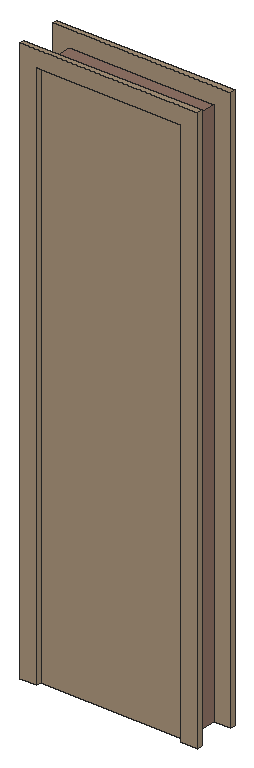
Revit family "Porta-1 Folha_03", category Portas, Revit 2015
Parameters
  Máscara da folha visível [instance] = no
  Largura bruta = Largura + (Espessura do Marco * 2)  # 68 cm
  Função = Interior
  Projeção da moldura externa = 2 cm
  Projeção da moldura interna = 2 cm
  Largura da moldura = 7 cm
  Espessura do Marco = 4 cm
  Espessura = 3.5 cm
  Altura bruta = Altura + Espessura do Marco  # 234 cm
  Altura = 230 cm
  Fechamento da parede = Por hospedeiro
  Largura = 60 cm
Reference planes (cm)
  plane 1: y = 0
  plane 2 "Centro (Esquerda/Direita)": x = 0
  plane 3 "Esquerda": x = -30
  plane 4 "Direita": x = 30
  plane 5: z = 230
  plane 6 "Exterior": y = 7.5
  plane 7 "Interior": y = -7.5
  plane 8: x = -34
  plane 9: x = 34
  plane 10: z = 234
  plane 11: y = -4
  plane 12: x = 29
  plane 13: x = 26.5
  plane 14: y = -67.5
Forms (cm)
  Extrusion 1, solid, material "Tábua de fibra orientada"
    sketch origin (0, 0, 0) x (1, 0, 0) y (0, 1, 0)
      loop
        line (-30, -4) -> (-30, -7.5) -> (30, -7.5) -> (30, -4) -> (-30, -4)
    from 0 to 230
  Sweep 2, solid, material "Amendoeira", detail levels medium+fine
    path in 3D
      loop
        line (30, 7.5, 0) -> (30, 7.5, 230) -> (-30, 7.5, 230) -> (-30, 7.5, 0)
    profile origin (30, 7.5, 115) x (0, 1, 0) y (-1, 0, 0)
      loop
        line (0, 0) -> (0, 1) -> (-11.5, 1) -> (-11.5, 0) -> (0, 0)
  Extrusion 3, solid, material "Tábua de fibra orientada", detail levels medium+fine
    sketch origin (0, 7.5, 0) x (1, 0, 0) y (0, 0, 1)
      loop
        line (30, 230) -> (30, 0) -> (37, 0) -> (37, 237) -> (-37, 237) -> (-37, 0) -> (-30, 0) -> (-30, 230) -> (30, 230)
    from -2 to 0
  Extrusion 4, solid, material "Tábua de fibra orientada", detail levels medium+fine
    sketch origin (0, -7.5, 0) x (1, 0, 0) y (0, 0, -1)
      loop
        line (30, -230) -> (-30, -230) -> (-30, 0) -> (-37, 0) -> (-37, -237) -> (37, -237) -> (37, 0) -> (30, 0) -> (30, -230)
    from -2 to 0
Lines and regions (cm)
  Opening 1
    outline origin (-305, -7.5, 0) x (1, 0, 0) y (0, 0, 1)
      loop
        line (275, 0) -> (335, 0) -> (335, 230) -> (275, 230) -> (275, 0)
  Masking region 1, detail levels medium
    outline origin (0, 0, 0) x (1, 0, 0) y (0, 1, 0)
      loop
        line (-34, 7.5) -> (-34, -7.5) -> (-30, -7.5) -> (-30, 7.5) -> (-34, 7.5)
      loop
        line (34, 7.5) -> (30, 7.5) -> (30, -7.5) -> (34, -7.5) -> (34, 7.5)
  Masking region 2, detail levels fine
    outline origin (0, 0, 0) x (1, 0, 0) y (0, 1, 0)
      loop
        line (29, 7.5) -> (29, -4) -> (30, -4) -> (30, -7.5) -> (34, -7.5) -> (34, 7.5) -> (29, 7.5)
      loop
        line (-29, 7.5) -> (-34, 7.5) -> (-34, -7.5) -> (-30, -7.5) -> (-30, -4) -> (-29, -4) -> (-29, 7.5)
  Masking region 3, detail levels medium
    outline origin (0, 0, 0) x (0, 1, 0) y (0, 0, 1)
      loop
        line (7.5, 234) -> (-7.5, 234) -> (-7.5, 230) -> (7.5, 230) -> (7.5, 234)
  Masking region 4, detail levels fine
    outline origin (0, 0, 0) x (0, 1, 0) y (0, 0, 1)
      loop
        line (7.5, 234) -> (-7.5, 234) -> (-7.5, 230) -> (-4, 230) -> (-4, 229) -> (7.5, 229) -> (7.5, 234)
  Masking region 5, visible <- "Máscara da folha visível"
    outline origin (0, 0, 0) x (1, 0, 0) y (0, 1, 0)
      loop
        line (26.5, -7.5) -> (26.5, -67.5) -> (30, -67.5) -> (30, -7.5) -> (26.5, -7.5)
  symbolic lines, style "Giro da elevação"
    curve 1: line (30, -7.5, 115) -> (-30, -7.5, 230)
    curve 2: line (30, -7.5, 115) -> (-30, -7.5, 0)
  symbolic lines, style "Doors"
    curve 3: line (26.5, -7.5, 0) -> (26.5, -67.5, 0)
    curve 4: line (30, -67.5, 0) -> (30, -7.5, 0)
    curve 5: line (26.5, -67.5, 0) -> (30, -67.5, 0)
    curve 6: line (30, -7.5, 0) -> (26.5, -7.5, 0)
  symbolic lines, style "Giro da planta"
    curve 7: arc (30, -67.5, 0) -> (-12.4264, -49.9264, 0) -> (-30, -7.5, 0) r 60
  sketch lines
    curve 8: line (30, 7.5, 0) -> (30, 7.5, 230)
    curve 9: line (30, 7.5, 230) -> (-30, 7.5, 230)
    curve 10: line (-30, 7.5, 230) -> (-30, 7.5, 0)
Text (cm)
  text "Exterior" at (-229.5016, 109.9543, 0), in view "Nível de referência"
  text "Exterior" at (0, 161.538, 369.8081), in view "Esquerda"
  text "Exterior" at (0, 103.6032, 387.4932), in view "Direita"
Dimensions and locks (cm)
  equal spacing: plane 3 "Esquerda", plane 2 "Centro (Esquerda/Direita)", plane 4 "Direita"
  "Largura": plane 3 "Esquerda" to plane 4 "Direita"
  "Altura": plane 5 to host wall
  equal spacing: host wall, curve 2, plane 5
  host wall to plane 10 = 234 cm
  locked: plane 6 "Exterior" to host wall at 0
  locked: plane 7 "Interior" to host wall
  "Espessura do Marco": plane 8 to plane 3 "Esquerda"
  "Espessura do Marco": plane 4 "Direita" to plane 9
  "Espessura do Marco": plane 10 to plane 5
  "Espessura": plane 7 "Interior" to plane 11
  locked: plane 12 to plane 4 "Direita" at 1
  locked: plane 3 "Esquerda" to Masking region 2 sketch curve at 1
  "Espessura": plane 13 to plane 4 "Direita"
  "Largura": plane 14 to plane 7 "Interior"
  "Largura da moldura": Extrusion 3 sketch curve to Extrusion 3 sketch curve  (x3)
  "Projeção da moldura externa": plane 6 "Exterior" to Extrusion 3
  "Largura da moldura": Extrusion 4 sketch curve to Extrusion 4 sketch curve  (x3)
  "Projeção da moldura interna": Extrusion 4 to plane 7 "Interior"
  aligned and locked: plane 3 "Esquerda" to Opening 1 sketch curve
  aligned and locked: plane 5 to Opening 1 sketch curve  (x2)
  aligned and locked: Opening 1 sketch curve to plane 4 "Direita"
  aligned and locked: Opening 1 sketch curve to level
  aligned and locked: plane 5 to curve 1
  aligned and locked: plane 3 "Esquerda" to curve 2
  aligned and locked: plane 1 to host wall
  aligned and locked: plane 3 "Esquerda" to curve 1
  aligned and locked: plane 6 "Exterior" to Masking region 1 sketch curve
  aligned and locked: Masking region 1 sketch curve to plane 8
  aligned and locked: Masking region 1 sketch curve to plane 7 "Interior"
  aligned and locked: Masking region 1 sketch curve to host wall
  aligned and locked: plane 4 "Direita" to Masking region 1 sketch curve
  aligned and locked: Masking region 1 sketch curve to plane 6 "Exterior"
  aligned and locked: plane 7 "Interior" to Masking region 1 sketch curve
  aligned and locked: Masking region 1 sketch curve to plane 9
  aligned and locked: plane 12 to Masking region 2 sketch curve
  aligned and locked: Masking region 2 sketch curve to plane 4 "Direita"
  aligned and locked: plane 11 to Masking region 2 sketch curve
  aligned and locked: plane 6 "Exterior" to Masking region 2 sketch curve
  aligned and locked: plane 9 to Masking region 2 sketch curve
  aligned and locked: plane 8 to Masking region 2 sketch curve
  aligned and locked: Masking region 2 sketch curve to plane 3 "Esquerda"
  aligned and locked: plane 7 "Interior" to Masking region 2 sketch curve
  aligned and locked: Masking region 2 sketch curve to plane 11
  aligned and locked: Masking region 2 sketch curve to plane 6 "Exterior"
  aligned and locked: plane 10 to Masking region 3 sketch curve
  aligned and locked: Masking region 3 sketch curve to plane 5
  aligned and locked: plane 6 "Exterior" to Masking region 3 sketch curve
  aligned and locked: Masking region 3 sketch curve to plane 7 "Interior"
  aligned and locked: Masking region 4 sketch curve to plane 6 "Exterior"
  aligned and locked: plane 11 to Masking region 4 sketch curve
  aligned and locked: Masking region 4 sketch curve to plane 5
  aligned and locked: Masking region 4 sketch curve to plane 10
  aligned and locked: Masking region 4 sketch curve to plane 7 "Interior"
  aligned and locked: curve 3 to plane 13
  aligned and locked: curve 4 to plane 4 "Direita"
  aligned and locked: curve 5 to plane 14
  aligned and locked: curve 6 to plane 7 "Interior"
  aligned and locked: curve 7 to host wall
  aligned and locked: Masking region 5 sketch curve to curve 6
  aligned and locked: Masking region 5 sketch curve to curve 3
  aligned and locked: Masking region 5 sketch curve to curve 5
  aligned and locked: Masking region 5 sketch curve to curve 4
  aligned and locked: Extrusion 1 sketch curve to plane 3 "Esquerda"
  aligned and locked: plane 4 "Direita" to Extrusion 1 sketch curve
  aligned and locked: Extrusion 1 sketch curve to plane 11
  aligned and locked: Extrusion 1 sketch curve to plane 7 "Interior"
  aligned and locked: Extrusion 1 to plane 5
  aligned and locked: profile plane to Sweep 2 sketch curve
  aligned and locked: Sweep 2 sketch curve to plane 6 "Exterior"
  aligned and locked: Sweep 2 sketch curve to plane 12
  aligned and locked: Sweep 2 sketch curve to plane 11
  aligned and locked: plane 4 "Direita" to Extrusion 3 sketch curve
  aligned and locked: plane 5 to Extrusion 3 sketch curve
  aligned and locked: plane 3 "Esquerda" to Extrusion 3 sketch curve
  aligned and locked: Extrusion 3 sketch curve to level
  aligned and locked: level to Extrusion 3 sketch curve
  aligned and locked: Extrusion 3 to host wall
  aligned and locked: Extrusion 4 to plane 7 "Interior"
Automatic sketch dimensions
  curve 2 to level = 0 cm
  plane 4 "Direita" to curve 2 = 0 cm
  host wall to Masking region 2 sketch curve = 0 cm
  plane 5 to Masking region 4 sketch curve = 1 cm
  Extrusion 4 sketch curve to level = 0 cm  (x2)
  plane 3 "Esquerda" to Extrusion 4 sketch curve = 0 cm
  plane 4 "Direita" to Extrusion 4 sketch curve = 0 cm
  Extrusion 4 sketch curve to plane 5 = 0 cm
